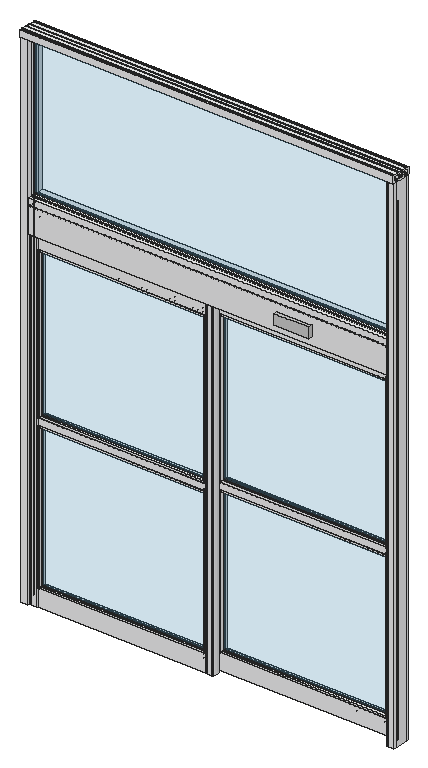
Revit family "2-5-5_Sliding-Door_TX9200SL_Single-RH-Outside-Slide-w-Transom-SX-O_Tormax", category Doors, host Wall, Revit 2026 (continued)
Definition of nested family "Door-Sliding-Tormax-Panel-SX"
  Automatic sketch dimensions
    Sweep 2 sketch curve to Sweep 2 sketch curve = 0' - 0.12539"
    Sweep 2 sketch curve to Sweep 2 sketch curve = 0' - 0.00998"
    Sweep 2 sketch curve to Sweep 2 sketch curve = 0' - 0.10613"
    Sweep 2 sketch curve to Sweep 2 sketch curve = 0' - 0.05146"
    plane 1 "Center (Front/Back)" to Sweep 9 sketch curve = 0' - 0.34217"
    Sweep 9 sketch curve to Sweep 9 sketch curve = 0' - 0.28232"
    Sweep 9 sketch curve to Sweep 9 sketch curve = 0' - 0.11923"
    plane 1 "Center (Front/Back)" to Sweep 9 sketch curve = 0' - 0.55479"
    Sweep 9 sketch curve to Sweep 9 sketch curve = 0' - 0 1/8"
    Sweep 9 sketch curve to Sweep 9 sketch curve = 0' - 0.00577"
    Sweep 9 sketch curve to Sweep 9 sketch curve = 0' - 0.25975"
    Sweep 9 sketch curve to Sweep 9 sketch curve = 0' - 0.09287"
    Sweep 9 sketch curve to Sweep 9 sketch curve = 0' - 0.04941"
    Sweep 9 sketch curve to Sweep 9 sketch curve = 0' - 0.22371"
    Sweep 9 sketch curve to plane 1 "Center (Front/Back)" = 0' - 0.1935"
    Sweep 9 sketch curve to Sweep 9 sketch curve = 0' - 0.075"
    Sweep 9 sketch curve to Sweep 9 sketch curve = 0' - 0.00006"
    plane 1 "Center (Front/Back)" to Sweep 9 sketch curve = 0' - 0.04652"  (x2)
    Sweep 9 sketch curve to Sweep 9 sketch curve = 0' - 0"  (x2)
    Sweep 9 sketch curve to Sweep 9 sketch curve = 0' - 0.065"
    Sweep 9 sketch curve to Sweep 9 sketch curve = 0' - 0.17797"
    Sweep 9 sketch curve to Sweep 9 sketch curve = 0' - 0.02777"
    Sweep 9 sketch curve to Sweep 9 sketch curve = 0' - 0.12"
    Sweep 9 sketch curve to Sweep 9 sketch curve = 0' - 0.60594"
    plane 1 "Center (Front/Back)" to Sweep 9 sketch curve = 0' - 0.14602"
    Sweep 9 sketch curve to Sweep 9 sketch curve = 0' - 0.22"
    Sweep 3 sketch curve to Sweep 3 sketch curve = 0' - 0"  (x9)
    plane 1 "Center (Front/Back)" to Sweep 3 sketch curve = 0' - 0"
    Sweep 3 sketch curve to Sweep 3 sketch curve = 0' - 0.09725"
    Sweep 3 sketch curve to Sweep 3 sketch curve = 0' - 0.09783"  (x2)
    Sweep 3 sketch curve to Sweep 3 sketch curve = 0' - 0.05875"
    Sweep 3 sketch curve to Sweep 3 sketch curve = 0' - 0 1/8"
    Sweep 3 sketch curve to profile plane = 0' - 0.33606"
    Sweep 3 sketch curve to Sweep 3 sketch curve = 0' - 0.05805"
    Sweep 3 sketch curve to profile plane = 0' - 0.25342"
    Sweep 3 sketch curve to Sweep 3 sketch curve = 0' - 0.00312"
    Sweep 3 sketch curve to Sweep 3 sketch curve = 0' - 0.07719"  (x2)
    Sweep 3 sketch curve to Sweep 3 sketch curve = 0' - 0.06839"
    Sweep 3 sketch curve to Sweep 3 sketch curve = 0' - 0.01995"  (x2)
    Sweep 3 sketch curve to Sweep 3 sketch curve = 0' - 0.03503"  (x2)
    Sweep 3 sketch curve to Sweep 3 sketch curve = 0' - 0.05764"  (x2)
    Sweep 3 sketch curve to Sweep 3 sketch curve = 0' - 0.05533"
    Sweep 3 sketch curve to Sweep 3 sketch curve = 0' - 0.07528"  (x2)
    Sweep 3 sketch curve to Sweep 3 sketch curve = 0' - 0.07175"  (x2)
    Sweep 3 sketch curve to profile plane = 0' - 0.05562"  (x2)
    Sweep 3 sketch curve to plane 1 "Center (Front/Back)" = 0' - 0.18239"
    Sweep 3 sketch curve to Sweep 3 sketch curve = 0' - 0.19693"  (x2)
    Sweep 3 sketch curve to Sweep 3 sketch curve = 0' - 0.07617"  (x2)
    Sweep 3 sketch curve to Sweep 3 sketch curve = 0' - 0.01817"  (x2)
    Sweep 3 sketch curve to Sweep 3 sketch curve = 0' - 0.01512"
    Sweep 3 sketch curve to Sweep 3 sketch curve = 0' - 0.05648"
    Sweep 3 sketch curve to Sweep 3 sketch curve = 0' - 0.02003"  (x2)
    plane 1 "Center (Front/Back)" to Sweep 3 sketch curve = 0' - 0.18239"
    Sweep 3 sketch curve to Sweep 3 sketch curve = 0' - 0.05615"
    Sweep 3 sketch curve to Sweep 3 sketch curve = 0' - 0.07564"
    Sweep 3 sketch curve to Sweep 3 sketch curve = 0' - 0.14517"
    Sweep 3 sketch curve to Sweep 3 sketch curve = 0' - 0.05815"
    Sweep 3 sketch curve to Sweep 3 sketch curve = 0' - 0.10029"
    Sweep 3 sketch curve to profile plane = 0' - 0.10913"
    Sweep 3 sketch curve to profile plane = 0' - 0.10975"
    Sweep 3 sketch curve to Sweep 3 sketch curve = 0' - 0.07408"
    Sweep 1 sketch curve to Sweep 1 sketch curve = 0' - 0"  (x4)
    plane 1 "Center (Front/Back)" to Sweep 1 sketch curve = 0' - 0"
    Sweep 1 sketch curve to plane 1 "Center (Front/Back)" = 0' - 0.77559"
    Sweep 1 sketch curve to Sweep 1 sketch curve = 0' - 0.11639"  (x2)
    Sweep 1 sketch curve to Sweep 1 sketch curve = 0' - 0.03961"
    Sweep 1 sketch curve to Sweep 1 sketch curve = 0' - 0 1/8"
    profile plane to Sweep 1 sketch curve = 0' - 0 1/4"
    profile plane to Sweep 1 sketch curve = 0' - 0.22824"
    profile plane to Sweep 1 sketch curve = 0' - 0.14081"
    Sweep 1 sketch curve to Sweep 1 sketch curve = 0' - 0.11893"  (x2)
    Sweep 1 sketch curve to Sweep 1 sketch curve = 0' - 0.01059"
    Sweep 1 sketch curve to Sweep 1 sketch curve = 0' - 0.0672"  (x2)
    Sweep 1 sketch curve to Sweep 1 sketch curve = 0' - 0.20161"
    Sweep 1 sketch curve to Sweep 1 sketch curve = 0' - 0.05661"
    Sweep 1 sketch curve to Sweep 1 sketch curve = 0' - 0.02176"
    plane 1 "Center (Front/Back)" to Sweep 1 sketch curve = 0' - 0.18701"
    curve 1 to plane 9 = 0' - 0"
Types (3): name | Width | Rough Width | Door Width | Description
  7'-0" Package Width | 7' - 0" | 7' - 0 1/2" | 3' - 5 9/16" | "Single RH Outside Slide Application w/ Transom (SX-O), 7'-0\" Package Width"
  8'-0" Package Width | 8' - 0" | 8' - 0 1/2" | 3' - 11 9/16" | "Single RH Outside Slide Application w/ Transom (SX-O), 8'-0\" Package Width"
  9'-0" Package Width | 9' - 0" | 9' - 0 1/2" | 4' - 5 9/16" | "Single RH Outside Slide Application w/ Transom (SX-O), 9'-0\" Package Width"
